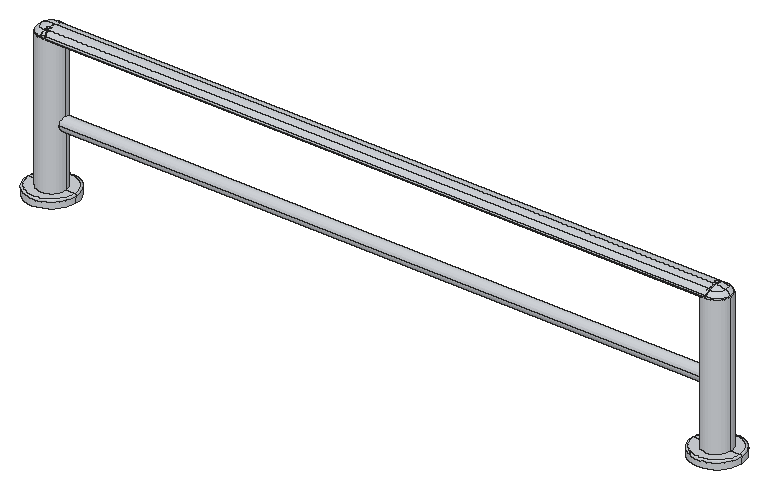
Revit family "Accessory-Towel_Bar-KOHLER-KUMIN-K-97890T", category Specialty Equipment, host Face, Revit 2017
Family settings
  Host = Face
  Round Connector Dimension = Use Diameter
  Part Type = Normal
  OmniClass Number = 23.31.25.25
  OmniClass Title = Towel Bars
  Cut with Voids When Loaded = No
  Shared = No
  Room Calculation Point = No
Parameters (values of type "CP-Polished Chrome")
  Width = 25 101/128"  # constant formula
  WaterSense Certified = 1 = 0  # no
  URL = "http://www.kohler.com.cn/en/"
  Type = 1
  Product Page URL = "https://www.kohler.com.cn/en/product/K-97890T-CP/K-97890T-CP/"
  Product Name = "KUMIN"  # constant formula
  Product Documentation Link = ""
  Model = if(Type = 1, "K-97890T-CP", if(Type = 2, "K-97890T-BL", "NA"))  # "K-97890T-CP"
  Material = "Metal construction"  # constant formula
  Master Format 2014 Name = "Toilet, Bath, and Laundry Accessories"  # constant formula
  Master Format 2014 = "10 28 00"  # constant formula
  Manufacturer Address = "Kohler Beijing Office (100016)\n36-2-03-B, No. 88, Liuxiang Road, Beijing"  # constant formula
  Manufacturer = "KOHLER Co."  # constant formula
  Length = 1 99/128"  # constant formula
  Height = 5 131/256"  # constant formula
  Finish = Kohler-Metal-CP-Polished_Chrome
  Environmental Product Declaration = ""
  Description = "24 inch DOUBLE TOWEL BAR"  # constant formula
  Default Elevation = 42"
  Declare Label = ""
  Date Modified = "07/27/2020"  # constant formula
  Date Created = "07/21/2020"  # constant formula
  Copyright = "Copyright KOHLER Co."  # constant formula
  Contact Us = "http://www.kohler.com.cn/en/contact/contact-us/"
  Assembly Code = "C1030200"
  ADA Compliant = 1 = 0  # no
Types (3): name | Type | Product Page URL | Model | Finish
  (no name) | 1 | "https://www.kohler.com.cn/en/product/K-97890T-CP/K-97890T-CP/" | "K-97890T-CP" | Kohler-Metal-CP-Polished_Chrome
  CP-Polished Chrome | 1 | "https://www.kohler.com.cn/en/product/K-97890T-CP/K-97890T-CP/" | "K-97890T-CP" | Kohler-Metal-CP-Polished_Chrome
  BL-Matte Black | 2 | "https://www.kohler.com.cn/en/product/K-97890T-CP/K-97890T-BL/" | "K-97890T-BL" | Kohler-Metal-BL-Matte_Black
Reference planes (in)
  plane 1 "Center (Front/Back)": y = 0
  plane 2: z = 0
  plane 3 "Center (Left/Right)": x = 0
  plane 4: y = -0.88583
  plane 5: y = 0.88761
  plane 6: x = -12.00787
  plane 7: x = -12.8937
  plane 8: x = 12.00787
  plane 9: x = 12.89536
  plane 10: z = 5.51172
Dimensions and locks (in)
  locked: plane 6 to plane 8 at 24.01575
  "Width": plane 7 to plane 9
  plane 7 to plane 3 "Center (Left/Right)" to plane 9 = 12.8937", 12.89536"
  plane 6 to plane 3 "Center (Left/Right)" to plane 8 = 12.00787", 12.00787"
  "Length": plane 4 to plane 5
  "Height": plane 10 to level
  aligned and locked: plane 2 to host face
  aligned and locked: level to host face
  aligned and locked: plane 4 to nested 1
  aligned and locked: plane 5 to nested 1
  aligned and locked: plane 6 to nested 1
  aligned and locked: plane 8 to nested 1
  aligned and locked: plane 9 to nested 1
  aligned and locked: plane 10 to nested 1
Automatic sketch dimensions
  host sketch curve to host sketch curve = 96"  (x2)
Nested families (in)
  nested 1: "K-97890T" at (0, 0, -0.00009), type "K-97890T"
Definition of nested family "K-97890T"
  Parameters (values of type "K-97890T")
    Material = none
  Reference planes (in)
    plane 1 "Center (Front/Back)": y = 0
    plane 2: z = 0
    plane 3 "Center (Left/Right)": x = 0
    plane 4: x = 12.00787
    plane 5: x = -12.00787
    plane 6: z = 5.51181
    plane 7: z = 5.03937
    plane 8: z = 2.44094
    plane 9: x = 12.8937
    plane 10: x = 11.12205
    plane 11: x = 12.5
    plane 12: x = 11.51575
    plane 13: x = -12.8937
    plane 14: x = -11.12205
    plane 15: x = -12.5
    plane 16: x = -11.51575
    plane 17: y = 0.88583
    plane 18: y = -0.88583
  Forms (in)
    Revolve 1, solid, material <- "Material", detail levels medium+fine
      sketch origin (0, 0, 0) x (1, 0, 0) y (0, 0, 1)
        loop
          arc (12.8937, 0.21654) -> (12.8764, 0.25829) -> (12.83465, 0.27559) r 0.05906
          line (12.83465, 0.27559) -> (12.5, 0.27559) -> (12.5, 5.25575)
          arc (12.5, 5.25575) -> (12.49754, 5.27125) -> (12.49041, 5.28522) r 0.05004
          arc (12.49041, 5.28522) -> (12.41934, 5.36385) -> (12.33339, 5.42589) r 0.50401
          arc (12.33339, 5.42589) -> (12.17629, 5.49027) -> (12.00787, 5.51181) r 0.65044
          line (12.00787, 5.51181) -> (12.00787, 0) -> (12.8937, 0) -> (12.8937, 0.21654)
        axis (12.00787, 5.51181) -> (12.00787, 0)
      angle from 0 to 360
    Revolve 2, solid, material <- "Material", detail levels medium+fine
      sketch origin (0, 0, 0) x (-1, 0, 0) y (0, 0, 1)
        loop
          arc (12.8937, 0.21654) -> (12.8764, 0.25829) -> (12.83465, 0.27559) r 0.05906
          line (12.83465, 0.27559) -> (12.5, 0.27559) -> (12.5, 5.25575)
          arc (12.5, 5.25575) -> (12.49754, 5.27125) -> (12.49041, 5.28522) r 0.05004
          arc (12.49041, 5.28522) -> (12.41934, 5.36385) -> (12.33339, 5.42589) r 0.50401
          arc (12.33339, 5.42589) -> (12.17629, 5.49027) -> (12.00787, 5.51181) r 0.65044
          line (12.00787, 5.51181) -> (12.00787, 0) -> (12.8937, 0) -> (12.8937, 0.21654)
        axis (12.00787, 5.51181) -> (12.00787, 0)
      angle from 0 to 360
    Extrusion 3, solid, material <- "Material", detail levels medium+fine
      sketch origin (0, 0, 0) x (0, 1, 0) y (0, 0, 1)
        loop
          circle (0, 2.44094) r 0.23622
      from -11.92948 to 11.95123
    Extrusion 4, solid, material <- "Material", detail levels medium+fine
      sketch origin (0, 0.00056, 0.00161) x (0, 1, 0) y (0, 0, 1)
        loop
          arc (0.00047, 5.50731) -> (-0.14387, 5.49299) -> (-0.28111, 5.44606) r 0.63005
          arc (-0.28111, 5.44606) -> (-0.37723, 5.38723) -> (-0.45911, 5.30979) r 0.54165
          arc (-0.45911, 5.30979) -> (-0.47334, 5.27161) -> (-0.45946, 5.23331) r 0.05906
          arc (-0.45946, 5.23331) -> (-0.37161, 5.15038) -> (-0.26723, 5.08954) r 0.52905
          arc (-0.26723, 5.08954) -> (-0.13629, 5.04797) -> (0.00047, 5.03486) r 0.64976
          arc (0.00047, 5.03486) -> (0.24833, 5.08694) -> (0.45728, 5.23008) r 0.64785
          arc (0.45728, 5.23008) -> (0.47408, 5.27159) -> (0.45692, 5.31296) r 0.05906
          arc (0.45692, 5.31296) -> (0.24768, 5.45474) -> (0.00047, 5.50731) r 0.65886
      from -12.02269 to 11.97768
    Revolve 5, solid, material <- "Material", detail levels coarse
      sketch origin (0, 0, 0) x (1, 0, 0) y (0, 0, 1)
        loop
          line (12.00787, 5.51181) -> (12.00787, 0) -> (12.8937, 0) -> (12.8937, 0.27559) -> (12.5, 0.27559) -> (12.5, 5.51181) -> (12.00787, 5.51181)
        axis (12.00787, 5.51181) -> (12.00787, 0)
      angle from 0 to 360
    Revolve 6, solid, material <- "Material", detail levels coarse
      sketch origin (0, 0, 0) x (-1, 0, 0) y (0, 0, 1)
        loop
          line (12.00787, 5.51181) -> (12.00787, 0) -> (12.8937, 0) -> (12.8937, 0.27559) -> (12.5, 0.27559) -> (12.5, 5.51181) -> (12.00787, 5.51181)
        axis (12.00787, 5.51181) -> (12.00787, 0)
      angle from 0 to 360
    Extrusion 7, solid, material <- "Material", detail levels coarse
      sketch origin (0, 0, 0) x (1, 0, 0) y (0, 0, 1)
        loop
          line (11.98609, 5.51181) -> (-11.99076, 5.51181) -> (-11.99076, 5.03937) -> (11.98609, 5.03937) -> (11.98609, 5.51181)
      from -0.47464 to 0.47278
    Extrusion 8, solid, material <- "Material", detail levels coarse
      sketch origin (0, 0, 0) x (0, 1, 0) y (0, 0, 1)
        loop
          circle (0, 2.44094) r 0.23667
      from -11.69042 to 11.74002
  Cuts and joins
    joined: Revolve 1, Revolve 2, Extrusion 3
    joined: Revolve 5, Revolve 6, Extrusion 7, Extrusion 8
  Lines and regions (in)
    Masking region 1
      outline origin (0, 0, 0) x (1, 0, 0) y (0, 1, 0)
        loop
          arc (-11.25994, 0.47464) -> (-12.8937, -0.0011) -> (-11.25876, -0.47278) r 0.88583
          line (-11.25876, -0.47278) -> (0, -0.47278) -> (11.25876, -0.47278)
          arc (11.25876, -0.47278) -> (12.8937, -0.0011) -> (11.25994, 0.47464) r 0.88583
          line (11.25994, 0.47464) -> (0.2986, 0.47464) -> (-11.25994, 0.47464)
    Masking region 2
      outline origin (0, 0, 0) x (1, 0, 0) y (0, 0, 1)
        loop
          arc (-12.00787, 5.51181) -> (-12.15074, 5.49694) -> (-12.28654, 5.45013) r 0.63079
          arc (-12.28654, 5.45013) -> (-12.39761, 5.38009) -> (-12.48949, 5.28627) r 0.56425
          arc (-12.48949, 5.28627) -> (-12.4973, 5.27175) -> (-12.5, 5.25549) r 0.05032
          line (-12.5, 5.25549) -> (-12.5, 0.27559) -> (-12.8349, 0.27559)
          arc (-12.8349, 0.27559) -> (-12.87648, 0.25837) -> (-12.8937, 0.21678) r 0.05881
          line (-12.8937, 0.21678) -> (-12.8937, 0) -> (-11.12205, 0) -> (-11.12205, 0.21727)
          arc (-11.12205, 0.21727) -> (-11.13913, 0.25851) -> (-11.18037, 0.27559) r 0.05832
          line (-11.18037, 0.27559) -> (-11.51575, 0.27559) -> (-11.51575, 2.20472) -> (11.51575, 2.20472) -> (11.51575, 0.27559) -> (11.18037, 0.27559)
          arc (11.18037, 0.27559) -> (11.13913, 0.25851) -> (11.12205, 0.21727) r 0.05832
          line (11.12205, 0.21727) -> (11.12205, 0) -> (12.8937, 0) -> (12.8937, 0.21678)
          arc (12.8937, 0.21678) -> (12.87648, 0.25837) -> (12.8349, 0.27559) r 0.05881
          line (12.8349, 0.27559) -> (12.5, 0.27559) -> (12.5, 5.25549)
          arc (12.5, 5.25549) -> (12.4973, 5.27175) -> (12.48949, 5.28627) r 0.05032
          arc (12.48949, 5.28627) -> (12.39761, 5.38009) -> (12.28654, 5.45013) r 0.56425
          arc (12.28654, 5.45013) -> (12.15074, 5.49694) -> (12.00787, 5.51181) r 0.63079
          line (12.00787, 5.51181) -> (-12.00787, 5.51181)
    Masking region 3
      outline origin (0, 0, 0) x (0, 1, 0) y (0, 0, 1)
        loop
          line (0.88583, 0) -> (0.88583, 0.21687)
          arc (0.88583, 0.21687) -> (0.86863, 0.25839) -> (0.8271, 0.27559) r 0.05872
          line (0.8271, 0.27559) -> (0.49213, 0.27559) -> (0.49213, 5.25473)
          arc (0.49213, 5.25473) -> (0.48959, 5.27076) -> (0.48223, 5.28522) r 0.05192
          arc (0.48223, 5.28522) -> (0.38807, 5.38365) -> (0.27098, 5.45324) r 0.50361
          arc (0.27098, 5.45324) -> (0.13874, 5.49757) -> (0, 5.51181) r 0.63212
          arc (0, 5.51181) -> (-0.13874, 5.49757) -> (-0.27098, 5.45324) r 0.63212
          arc (-0.27098, 5.45324) -> (-0.38807, 5.38365) -> (-0.48223, 5.28522) r 0.50361
          arc (-0.48223, 5.28522) -> (-0.48959, 5.27076) -> (-0.49213, 5.25473) r 0.05192
          line (-0.49213, 5.25473) -> (-0.49213, 0.27559) -> (-0.8271, 0.27559)
          arc (-0.8271, 0.27559) -> (-0.86863, 0.25839) -> (-0.88583, 0.21687) r 0.05872
          line (-0.88583, 0.21687) -> (-0.88583, 0) -> (0.88583, 0)
    symbolic lines, detail levels medium+fine
      curve 1: line (-11.25994, 0.47464, 0) -> (-11.66527, 0.47464, 0)
      curve 2: line (-11.66527, 0.47464, 0) -> (-12.00002, 0.49206, 0)
      curve 3: arc (-12.00002, 0.49206, 0) -> (-12.5, 0, 0) -> (-12.00002, -0.49206, 0) r 0.49213
      curve 4: line (-11.25994, -0.47464, 0) -> (-11.66527, -0.47464, 0)
      curve 5: line (-11.66527, -0.47464, 0) -> (-12.00002, -0.49206, 0)
      curve 6: line (11.25994, 0.47464, 0) -> (11.615, 0.47464, 0)
      curve 7: arc (12.00787, 0.49213, 0) -> (12.49998, -0.00393, 0) -> (12.00002, -0.49206, 0) r 0.49213
      curve 8: line (11.25994, -0.47464, 0) -> (11.66527, -0.47464, 0)
      curve 9: line (11.66527, -0.47464, 0) -> (12.00002, -0.49206, 0)
      curve 10: line (11.615, 0.47464, 0) -> (12.00787, 0.49213, 0)
      curve 11: arc (-11.33143, 0.47464, 0) -> (-12.25675, 0.78799, 0) -> (-12.83423, 0, 0) r 0.82636
      curve 12: arc (-11.96948, 0.47678, 0) -> (-12.33224, 0.35154, 0) -> (-12.4862, 0, 0) r 0.47832
      curve 13: arc (-11.96948, 0.47678, 0) -> (-11.87562, 0.46972, 0) -> (-11.7817, 0.46365, 0) r 8.92056
      curve 14: arc (-11.7817, 0.46365, 0) -> (-11.69482, 0.46014, 0) -> (-11.60788, 0.45899, 0) r 3.20011
      curve 15: line (-11.60788, 0.45899, 0) -> (-0.03664, 0.45899, 0)
      curve 16: arc (-11.96948, 0.47678, 0) -> (-11.95567, 0.48583, 0) -> (-11.93945, 0.48891, 0) r 0.04237
      curve 17: arc (-11.33143, -0.47464, 0) -> (-12.25675, -0.78799, 0) -> (-12.83423, 0, 0) r 0.82636
      curve 18: arc (-11.96948, -0.47678, 0) -> (-12.33224, -0.35154, 0) -> (-12.4862, 0, 0) r 0.47832
      curve 19: arc (-11.96948, -0.47678, 0) -> (-11.87562, -0.46972, 0) -> (-11.7817, -0.46365, 0) r 8.92056
      curve 20: arc (-11.7817, -0.46365, 0) -> (-11.69482, -0.46014, 0) -> (-11.60788, -0.45899, 0) r 3.20011
      curve 21: line (-11.60788, -0.45899, 0) -> (0.02111, -0.45899, 0)
      curve 22: arc (-11.96948, -0.47678, 0) -> (-11.95567, -0.48583, 0) -> (-11.93945, -0.48891, 0) r 0.04237
      curve 23: arc (11.33143, 0.47464, 0) -> (12.25675, 0.78799, 0) -> (12.83423, 0, 0) r 0.82636
      curve 24: arc (11.96948, 0.47678, 0) -> (12.33224, 0.35154, 0) -> (12.4862, 0, 0) r 0.47832
      curve 25: arc (11.96948, 0.47678, 0) -> (11.87562, 0.46972, 0) -> (11.7817, 0.46365, 0) r 8.92056
      curve 26: arc (11.7817, 0.46365, 0) -> (11.69482, 0.46014, 0) -> (11.60788, 0.45899, 0) r 3.20011
      curve 27: line (11.60788, 0.45899, 0) -> (-0.03664, 0.45899, 0)
      curve 28: arc (11.96948, 0.47678, 0) -> (11.95567, 0.48583, 0) -> (11.93945, 0.48891, 0) r 0.04237
      curve 29: arc (11.33143, -0.47464, 0) -> (12.25675, -0.78799, 0) -> (12.83423, 0, 0) r 0.82636
      curve 30: arc (11.96948, -0.47678, 0) -> (12.33224, -0.35154, 0) -> (12.4862, 0, 0) r 0.47832
      curve 31: arc (11.96948, -0.47678, 0) -> (11.87562, -0.46972, 0) -> (11.7817, -0.46365, 0) r 8.92056
      curve 32: arc (11.7817, -0.46365, 0) -> (11.69482, -0.46014, 0) -> (11.60788, -0.45899, 0) r 3.20011
      curve 33: line (11.60788, -0.45899, 0) -> (0.02111, -0.45899, 0)
      curve 34: arc (11.96948, -0.47678, 0) -> (11.95567, -0.48583, 0) -> (11.93945, -0.48891, 0) r 0.04237
      curve 35: line (-12.00787, 0.49213, 0) -> (-12.00787, -0.49213, 0)
      curve 36: line (-10.76772, 0.47464, 0) -> (-10.76772, -0.47388, 0)
      curve 37: line (12.00787, 0.49213, 0) -> (12.00787, -0.49213, 0)
      curve 38: line (10.76772, 0.47464, 0) -> (10.76772, -0.47388, 0)
      curve 39: line (11.51575, 0, 2.67717) -> (-11.51575, 0, 2.67717)
      curve 40: line (-11.57615, 0, 2.44094) -> (-11.51575, 0, 2.20472)
      curve 41: line (-11.51575, 0, 2.67717) -> (-11.57615, 0, 2.44094)
      curve 42: line (11.51575, 0, 2.67717) -> (11.57615, 0, 2.44094)
      curve 43: line (11.57615, 0, 2.44094) -> (11.51575, 0, 2.20472)
      curve 44: line (11.51575, 0, 2.67717) -> (11.57615, 0, 2.44094)
      curve 45: line (11.12205, 0, 5.03644) -> (-11.12205, 0, 5.03644)
      curve 46: line (11.51575, 0, 2.67717) -> (11.51575, 0, 4.64274)
      curve 47: arc (11.51575, 0, 4.64274) -> (11.40044, 0, 4.92112) -> (11.12205, 0, 5.03644) r 0.3937
      curve 48: arc (-11.51575, 0, 4.64274) -> (-11.40044, 0, 4.92112) -> (-11.12205, 0, 5.03644) r 0.3937
      curve 49: line (-11.51575, 0, 2.67717) -> (-11.51575, 0, 4.64274)
      curve 50: line (12.48422, 0, 5.29254) -> (12.00338, 0, 5.29254)
      curve 51: line (12.5, 0, 5.25501) -> (12.00338, 0, 5.25501)
      curve 52: line (11.60788, 0, 5.31529) -> (-5.15601, 0, 5.31529)
      curve 53: line (-1.41125, 0, 5.23589) -> (11.60788, 0, 5.23589)
      curve 54: line (11.60788, 0, 5.31529) -> (11.60788, 0, 5.23589)
      curve 55: arc (12.00338, 0, 5.29254) -> (11.98632, 0, 5.29311) -> (11.96933, 0, 5.29483) r 0.25353
      curve 56: arc (11.96933, 0, 5.29483) -> (11.87422, 0, 5.3037) -> (11.77892, 0, 5.31026) r 3.93588
      curve 57: arc (11.77892, 0, 5.31026) -> (11.69344, 0, 5.31394) -> (11.60788, 0, 5.31529) r 3.14383
      curve 58: arc (12.00338, 0, 5.25501) -> (11.98379, 0, 5.25562) -> (11.96424, 0, 5.25707) r 0.46383
      curve 59: arc (11.96424, 0, 5.25707) -> (11.88341, 0, 5.24715) -> (11.80202, 0, 5.24426) r 0.94102
      curve 60: arc (11.80202, 0, 5.24426) -> (11.70494, 0, 5.24043) -> (11.60788, 0, 5.23589) r 13.35187
      curve 61: arc (11.96424, 0, 5.25707) -> (11.96657, 0, 5.27599) -> (11.96957, 0, 5.29481) r 0.5369
      curve 62: arc (11.96424, 0, 5.25707) -> (11.84785, 0, 5.16626) -> (11.76214, 0, 5.04607) r 0.51306
      curve 63: arc (11.76214, 0, 5.04607) -> (11.64027, 0, 4.82211) -> (11.51575, 0, 4.59961) r 21.4244
      curve 64: line (12.00787, 0, 5.25501) -> (12.00787, 0, 5.51181)
      curve 65: line (10.76772, 0, 5.03644) -> (10.76772, 0, 5.51181)
      curve 66: arc (11.60788, 0, 5.23589) -> (11.34416, 0, 5.14885) -> (11.09022, 0, 5.03644) r 2.8355
      curve 67: line (12.5, 0, 0.27559) -> (11.51575, 0, 0.27559)
      curve 68: line (12.89363, 0, 0.21654) -> (11.12198, 0, 0.21654)
      curve 69: line (-11.51575, 0, 2.67717) -> (-11.57615, 0, 2.44094)
      curve 70: line (-12.48422, 0, 5.29254) -> (-12.00338, 0, 5.29254)
      curve 71: line (-12.5, 0, 5.25501) -> (-12.00338, 0, 5.25501)
      curve 72: line (-11.60788, 0, 5.31529) -> (-5.15601, 0, 5.31529)
      curve 73: line (-1.41125, 0, 5.23589) -> (-11.60788, 0, 5.23589)
      curve 74: line (-11.60788, 0, 5.31529) -> (-11.60788, 0, 5.23589)
      curve 75: arc (-12.00338, 0, 5.29254) -> (-11.98632, 0, 5.29311) -> (-11.96933, 0, 5.29483) r 0.25353
      curve 76: arc (-11.96933, 0, 5.29483) -> (-11.87422, 0, 5.3037) -> (-11.77892, 0, 5.31026) r 3.93588
      curve 77: arc (-11.77892, 0, 5.31026) -> (-11.69344, 0, 5.31394) -> (-11.60788, 0, 5.31529) r 3.14383
      curve 78: arc (-12.00338, 0, 5.25501) -> (-11.98379, 0, 5.25562) -> (-11.96424, 0, 5.25707) r 0.46383
      curve 79: arc (-11.96424, 0, 5.25707) -> (-11.88341, 0, 5.24715) -> (-11.80202, 0, 5.24426) r 0.94102
      curve 80: arc (-11.80202, 0, 5.24426) -> (-11.70494, 0, 5.24043) -> (-11.60788, 0, 5.23589) r 13.35187
      curve 81: arc (-11.96424, 0, 5.25707) -> (-11.96657, 0, 5.27599) -> (-11.96957, 0, 5.29481) r 0.5369
      curve 82: arc (-11.96424, 0, 5.25707) -> (-11.84785, 0, 5.16626) -> (-11.76214, 0, 5.04607) r 0.51306
      curve 83: arc (-11.76214, 0, 5.04607) -> (-11.64027, 0, 4.82211) -> (-11.51575, 0, 4.59961) r 21.4244
      curve 84: line (-12.00787, 0, 5.25501) -> (-12.00787, 0, 5.51181)
      curve 85: line (-10.76772, 0, 5.03644) -> (-10.76772, 0, 5.51181)
      curve 86: arc (-11.60788, 0, 5.23589) -> (-11.34416, 0, 5.14885) -> (-11.09022, 0, 5.03644) r 2.8355
      curve 87: line (-12.5, 0, 0.27559) -> (-11.51575, 0, 0.27559)
      curve 88: line (-12.89363, 0, 0.21654) -> (-11.12198, 0, 0.21654)
      curve 89: line (0, -0.4921, 5.25501) -> (0, 0.4921, 5.25501)
      curve 90: line (0, -0.47639, 5.29254) -> (0, 0.47639, 5.29254)
      curve 91: line (0, -0.88583, 0.21654) -> (0, 0.88583, 0.21654)
      curve 92: line (0, 0, 0.27559) -> (0, -0.49213, 0.27559)
      curve 93: line (0, 0.49213, 0.27559) -> (0, 0, 0.27559)
  Dimensions and locks (in)
    plane 10 to plane 9 = 1.77165"
    level to plane 8 = 2.44094"
    level to plane 6 = 5.51181"
    aligned and locked: plane 2 to level
  Automatic sketch dimensions
    curve 3 to curve 11 = 0"  (x2)
    curve 3 to curve 12 = 0"  (x2)
    curve 3 to curve 17 = 0"  (x2)
    curve 3 to curve 18 = 0"  (x2)
    curve 7 to curve 23 = 0"  (x2)
    curve 7 to curve 24 = 0"  (x2)
    curve 7 to curve 29 = 0"  (x2)
    curve 7 to curve 30 = 0"  (x2)
    curve 11 to curve 12 = 0"  (x2)
    curve 11 to curve 17 = 0"  (x2)
    curve 11 to curve 18 = 0"  (x2)
    curve 12 to curve 17 = 0"  (x2)
    curve 12 to curve 18 = 0"  (x2)
    curve 17 to curve 18 = 0"  (x2)
    curve 23 to curve 24 = 0"  (x2)
    curve 23 to curve 29 = 0"  (x2)
    curve 23 to curve 30 = 0"  (x2)
    curve 24 to curve 29 = 0"  (x2)
    curve 24 to curve 30 = 0"  (x2)
    curve 29 to curve 30 = 0"  (x2)
    plane 1 "Center (Front/Back)" to curve 17 = 0"
    curve 12 to plane 5 = 0"
    curve 35 to plane 5 = 0"
    plane 1 "Center (Front/Back)" to curve 23 = 0"
    curve 23 to plane 4 = 0"
    plane 5 to curve 2 = 0.00785"
    plane 5 to curve 5 = 0.00785"
    plane 5 to curve 16 = 0.06808"
    plane 5 to curve 22 = 0.06808"
    plane 16 to curve 5 = 0.14952"
    plane 16 to curve 1 = 0.14952"
    plane 16 to curve 14 = 0.0934"
    plane 16 to curve 20 = 0.0934"
    curve 1 to curve 15 = 0.05738"
    curve 4 to curve 21 = 0.05738"
    plane 14 to curve 13 = 0.13131"
    plane 14 to curve 19 = 0.13131"
    curve 27 to plane 3 "Center (Left/Right)" = 0.03664"
    plane 3 "Center (Left/Right)" to curve 21 = 0.02111"
    plane 10 to curve 31 = 0.13131"
    plane 10 to curve 25 = 0.13131"
    plane 12 to curve 27 = 0.09214"
    plane 12 to curve 33 = 0.09214"
    plane 12 to curve 26 = 0.0934"
    plane 12 to curve 32 = 0.0934"
    curve 26 to curve 10 = 0.00712"
    curve 32 to curve 8 = 0.05738"
    plane 4 to curve 28 = 0.06808"
    plane 4 to curve 34 = 0.06808"
    plane 4 to curve 9 = 0.00785"
    curve 22 to plane 18 = 0.43928"
    curve 34 to plane 18 = 0.43928"
    curve 21 to curve 22 = 0.01245"
    curve 9 to curve 32 = 0.01565"
    curve 4 to curve 20 = 0.01565"
    curve 9 to curve 34 = 0.04552"
    curve 5 to curve 22 = 0.04552"
    plane 18 to curve 20 = 2.77328"
    plane 18 to curve 32 = 2.77328"
    curve 19 to curve 20 = 5.70945"
    curve 31 to curve 32 = 5.70945"
    curve 16 to curve 2 = 0.04552"
    curve 28 to curve 10 = 0.04558"
    curve 15 to plane 1 "Center (Front/Back)" = 0.45899"
    curve 26 to curve 6 = 0.01565"
    curve 15 to curve 2 = 0.01565"
    plane 17 to curve 14 = 2.77328"
    plane 17 to curve 26 = 2.77328"
    curve 14 to curve 13 = 5.70945"
    curve 26 to curve 25 = 5.70945"
    curve 18 to curve 3 = 0.47832"
    plane 13 to curve 11 = 0.05947"
    curve 11 to curve 1 = 0.07148"
    curve 17 to curve 4 = 0.07148"
    curve 36 to plane 14 = 0.35433"
    curve 38 to plane 10 = 0.35433"
    plane 10 to curve 8 = 0.1379"
    plane 10 to curve 6 = 0.1379"
    curve 8 to curve 29 = 0.07148"
    curve 25 to curve 28 = 0.1581"
    curve 28 to curve 24 = 0.03003"
    curve 38 to plane 18 = 0.41195"
    curve 36 to plane 18 = 0.41195"
    curve 36 to plane 17 = 0.41118"
    curve 38 to plane 17 = 0.41118"
    curve 91 to plane 18 = 0"
    curve 92 to plane 1 "Center (Front/Back)" = 0"
    curve 91 to plane 17 = 0"
    level to curve 92 = 0.27559"
    curve 92 to plane 18 = 0.3937"
    curve 89 to plane 18 = 0.39373"
    curve 89 to curve 90 = 0.0157"
    curve 90 to plane 17 = 0.40943"
    curve 90 to curve 89 = 0.0157"
    curve 93 to plane 17 = 0.3937"
    level to curve 91 = 0.21654"
    plane 7 to curve 89 = 0.21564"
    curve 89 to curve 90 = 0.03753"
    curve 87 to plane 15 = 0"
    curve 71 to plane 15 = 0"
    curve 84 to plane 5 = 0"
    curve 41 to plane 8 = 0"
    plane 16 to curve 49 = 0"
    plane 16 to curve 40 = 0"
    plane 16 to curve 87 = 0"
    curve 48 to plane 14 = 0"
    curve 85 to plane 6 = 0"
    curve 65 to plane 6 = 0"
    curve 47 to plane 10 = 0"
    curve 67 to plane 12 = 0"
    curve 63 to plane 12 = 0"
    curve 43 to plane 12 = 0"
    curve 43 to plane 8 = 0"
    plane 4 to curve 64 = 0"
    curve 51 to plane 11 = 0"
    plane 11 to curve 67 = 0"
    curve 64 to plane 6 = 0"
    curve 84 to plane 6 = 0"
    plane 15 to curve 81 = 0.0018"
    plane 15 to curve 86 = 0.13636"
    plane 15 to curve 80 = 0.2199"
    curve 82 to plane 5 = 0.2105"
    curve 78 to plane 5 = 0.00032"
    plane 5 to curve 70 = 0.0045"
    curve 84 to curve 71 = 0.0045"
    plane 5 to curve 79 = 0.19852"
    plane 16 to curve 73 = 0.09214"
    plane 16 to curve 77 = 0.08535"
    plane 16 to curve 41 = 0.0604"
    plane 16 to curve 76 = 0.04055"
    curve 63 to plane 14 = 4.00488"
    curve 52 to plane 6 = 0.19652"
    curve 52 to plane 3 "Center (Left/Right)" = 5.15601"
    plane 7 to curve 73 = 0.19652"
    curve 73 to plane 3 "Center (Left/Right)" = 1.41125"
    curve 83 to plane 10 = 4.00488"
    plane 12 to curve 56 = 0.04055"
    plane 12 to curve 43 = 0.0604"
    plane 12 to curve 57 = 0.08535"
    plane 12 to curve 54 = 0.09214"
    plane 4 to curve 59 = 0.19852"
    curve 51 to curve 64 = 0.0045"
    plane 4 to curve 55 = 0.0045"
    curve 58 to plane 4 = 0.00032"
    curve 62 to plane 4 = 0.2105"
    plane 11 to curve 60 = 0.2199"
    plane 8 to curve 66 = 0.06202"
    plane 11 to curve 66 = 0.13636"
    plane 11 to curve 61 = 0.0018"
    curve 80 to level = 8.09905"
    curve 60 to level = 8.09905"
    curve 56 to plane 8 = 1.06026"
    curve 76 to plane 8 = 1.06026"
    curve 77 to plane 8 = 0.26948"
    curve 57 to plane 8 = 0.26948"
    plane 8 to curve 86 = 0.06202"
    plane 8 to curve 41 = 0.23622"
    curve 49 to curve 80 = 0.59316"
    curve 62 to plane 7 = 0.228"
    curve 82 to plane 7 = 0.228"
    plane 7 to curve 81 = 0.1616"
    plane 7 to curve 61 = 0.1616"
    curve 51 to curve 57 = 0.05526"
    curve 71 to curve 77 = 0.05526"
    curve 51 to curve 50 = 0.03753"
    curve 71 to curve 70 = 0.03753"
    plane 6 to curve 55 = 0.03425"
    plane 6 to curve 75 = 0.03425"
    curve 75 to curve 78 = 0.17275"
    curve 55 to curve 58 = 0.17275"
    curve 78 to curve 79 = 0.46644"
    curve 58 to curve 59 = 0.46644"
    plane 6 to curve 83 = 9.66226"
    plane 6 to curve 63 = 9.66226"
    plane 13 to curve 88 = 0.00007"
    plane 15 to curve 70 = 0.01578"
    curve 70 to curve 81 = 0.03381"
    curve 81 to curve 76 = 0.00023"
    curve 76 to curve 81 = 0.00509"
    plane 7 to curve 82 = 0.0067"
    curve 88 to plane 14 = 0.00007"
    curve 85 to plane 14 = 0.35433"
    curve 65 to plane 10 = 0.35433"
    curve 68 to plane 10 = 0.00007"
    plane 7 to curve 62 = 0.0067"
    curve 60 to curve 62 = 0.15426"
    curve 56 to curve 57 = 0"
    curve 56 to curve 61 = 0.00023"
    plane 11 to curve 50 = 0.01578"
    plane 9 to curve 68 = 0.00007"
    level to curve 68 = 0.21654"
    level to curve 88 = 0.21654"
    level to curve 87 = 0.27559"
    level to curve 67 = 0.27559"
    curve 77 to curve 40 = 0.03326"
    curve 57 to curve 43 = 0.03326"
    plane 4 to Revolve 1 sketch curve = 0"  (x2)
    Revolve 1 sketch curve to plane 11 = 0"
    Revolve 1 sketch curve to level = 0"
    plane 9 to Revolve 1 sketch curve = 0"
    Revolve 1 sketch curve to plane 6 = 0"
    Revolve 1 sketch curve to plane 4 = 0.00241"
    Revolve 1 sketch curve to plane 7 = 0.05091"
    Revolve 1 sketch curve to plane 4 = 0.07515"
    plane 11 to Revolve 1 sketch curve = 0.05004"
    plane 9 to Revolve 1 sketch curve = 0.05906"
    level to Revolve 1 sketch curve = 0.21654"
    Revolve 1 sketch curve to Revolve 1 sketch curve = 0.12709"
    Revolve 1 sketch curve to Revolve 1 sketch curve = 0.17013"
    Revolve 1 sketch curve to Revolve 1 sketch curve = 0"
    plane 8 to Revolve 1 sketch curve = 0.51181"
    plane 6 to Revolve 1 sketch curve = 1.1811"
    Revolve 2 sketch curve to plane 5 = 0"  (x2)
    Revolve 2 sketch curve to plane 15 = 0"
    Revolve 2 sketch curve to level = 0"
    Revolve 2 sketch curve to plane 13 = 0"
    Revolve 2 sketch curve to plane 6 = 0"
    plane 5 to Revolve 2 sketch curve = 0.00241"
    plane 7 to Revolve 2 sketch curve = 0.05091"
    plane 5 to Revolve 2 sketch curve = 0.07515"
    Revolve 2 sketch curve to plane 15 = 0.05004"
    Revolve 2 sketch curve to Revolve 2 sketch curve = 0.05906"
    Revolve 2 sketch curve to level = 0.21654"
    Revolve 2 sketch curve to Revolve 2 sketch curve = 0.12709"
    Revolve 2 sketch curve to Revolve 2 sketch curve = 0.17013"
    Revolve 2 sketch curve to Revolve 2 sketch curve = 0"
    Revolve 2 sketch curve to plane 8 = 0.51181"
    Revolve 2 sketch curve to Revolve 2 sketch curve = 1.1811"
    Extrusion 3 sketch curve to plane 1 "Center (Front/Back)" = 0"
    Extrusion 3 sketch curve to plane 8 = 0"
    plane 1 "Center (Front/Back)" to Extrusion 4 sketch curve = 0.41373"
    plane 1 "Center (Front/Back)" to Extrusion 4 sketch curve = 0.05419"
    plane 1 "Center (Front/Back)" to Extrusion 4 sketch curve = 0.04743"
    plane 1 "Center (Front/Back)" to Extrusion 4 sketch curve = 0.00986"
    plane 1 "Center (Front/Back)" to Extrusion 4 sketch curve = 0.00938"
    plane 1 "Center (Front/Back)" to Extrusion 4 sketch curve = 0.00571"
    Extrusion 4 sketch curve to Extrusion 4 sketch curve = 0"  (x8)
    Extrusion 4 sketch curve to plane 1 "Center (Front/Back)" = 0.41559"
    Extrusion 4 sketch curve to plane 7 = 0.18923"
    Extrusion 4 sketch curve to Extrusion 4 sketch curve = 0.0288"
    Extrusion 4 sketch curve to plane 7 = 0.08063"
    plane 7 to Extrusion 4 sketch curve = 0.23357"
    plane 7 to Extrusion 4 sketch curve = 0.23358"
    plane 6 to Extrusion 4 sketch curve = 0.06384"
    Extrusion 4 sketch curve to Extrusion 4 sketch curve = 0.10864"
    Extrusion 4 sketch curve to Extrusion 4 sketch curve = 0.0019"
    Extrusion 4 sketch curve to Extrusion 4 sketch curve = 0.04482"
    plane 1 "Center (Front/Back)" to Masking region 1 sketch curve = 0"  (x2)
    Masking region 1 sketch curve to plane 5 = 0"
    Masking region 1 sketch curve to plane 3 "Center (Left/Right)" = 0"
    Masking region 1 sketch curve to plane 4 = 0"
    plane 14 to Masking region 1 sketch curve = 0.1379"
    plane 14 to Masking region 1 sketch curve = 35/256"
    plane 3 "Center (Left/Right)" to Masking region 1 sketch curve = 0.2986"
    plane 10 to Masking region 1 sketch curve = 35/256"
    Masking region 1 sketch curve to plane 18 = 0.41305"
    Masking region 2 sketch curve to level = 0"  (x2)
    Masking region 2 sketch curve to plane 13 = 0"
    Masking region 2 sketch curve to plane 15 = 0"
    Masking region 2 sketch curve to plane 5 = 0"
    plane 16 to Masking region 2 sketch curve = 0"
    plane 14 to Masking region 2 sketch curve = 0"
    Masking region 2 sketch curve to plane 10 = 0"
    Masking region 2 sketch curve to plane 12 = 0"
    plane 4 to Masking region 2 sketch curve = 0"
    plane 11 to Masking region 2 sketch curve = 0"
    plane 9 to Masking region 2 sketch curve = 0"
    Masking region 2 sketch curve to plane 6 = 0"
    plane 13 to Masking region 2 sketch curve = 0.05881"
    Masking region 2 sketch curve to Masking region 2 sketch curve = 0.05032"  (x2)
    Masking region 2 sketch curve to plane 5 = 0.03526"
    Masking region 2 sketch curve to plane 5 = 0.00656"
    plane 14 to Masking region 2 sketch curve = 0.05832"
    plane 10 to Masking region 2 sketch curve = 0.05832"
    Masking region 2 sketch curve to plane 4 = 0.00656"
    Masking region 2 sketch curve to plane 4 = 0.03526"
    plane 9 to Masking region 2 sketch curve = 0.05881"
    Masking region 2 sketch curve to Masking region 2 sketch curve = 0.21678"
    level to Masking region 2 sketch curve = 0.21678"
    level to Masking region 2 sketch curve = 0.21727"
    Masking region 2 sketch curve to Masking region 2 sketch curve = 0.21727"
    Masking region 2 sketch curve to plane 8 = 0.23622"
    Masking region 2 sketch curve to plane 7 = 0.15832"  (x2)
    Masking region 2 sketch curve to Masking region 2 sketch curve = 0.06003"  (x2)
    plane 7 to Masking region 2 sketch curve = 0.21612"  (x2)
    Masking region 2 sketch curve to Masking region 2 sketch curve = 0"  (x2)
    Masking region 3 sketch curve to level = 0"
    Masking region 3 sketch curve to plane 18 = 0"
    Masking region 3 sketch curve to plane 1 "Center (Front/Back)" = 0"
    Masking region 3 sketch curve to plane 17 = 0"
    Masking region 3 sketch curve to plane 6 = 0"
    Masking region 3 sketch curve to plane 18 = 0.05872"
    Masking region 3 sketch curve to Masking region 3 sketch curve = 0.33498"
    Masking region 3 sketch curve to Masking region 3 sketch curve = 0.05192"
    plane 1 "Center (Front/Back)" to Masking region 3 sketch curve = 0.07458"
    plane 1 "Center (Front/Back)" to Masking region 3 sketch curve = 0.0052"
    Masking region 3 sketch curve to plane 1 "Center (Front/Back)" = 0.0052"
    Masking region 3 sketch curve to plane 1 "Center (Front/Back)" = 0.07458"
    plane 7 to Masking region 3 sketch curve = 0.21536"  (x2)
    Masking region 3 sketch curve to plane 1 "Center (Front/Back)" = 0.44021"
    Masking region 3 sketch curve to plane 17 = 0.3937"
    Masking region 3 sketch curve to Masking region 3 sketch curve = 0.05872"
    level to Masking region 3 sketch curve = 0.21687"
    Masking region 3 sketch curve to Masking region 3 sketch curve = 0.21687"
    Masking region 3 sketch curve to plane 7 = 0.15966"
    Masking region 3 sketch curve to Masking region 3 sketch curve = 0"  (x2)
    Masking region 3 sketch curve to plane 7 = 0.04987"  (x2)
    Masking region 3 sketch curve to plane 6 = 0.05857"
    plane 4 to Revolve 5 sketch curve = 0"  (x2)
    Revolve 5 sketch curve to plane 6 = 0"
    Revolve 5 sketch curve to plane 11 = 0"
    Revolve 5 sketch curve to level = 0"
    plane 9 to Revolve 5 sketch curve = 0"
    level to Revolve 5 sketch curve = 0.27559"
    Revolve 5 sketch curve to plane 7 = 0.70866"
    plane 6 to Revolve 5 sketch curve = 0.98425"
    Revolve 6 sketch curve to plane 5 = 0"  (x2)
    Revolve 6 sketch curve to plane 6 = 0"
    Revolve 6 sketch curve to plane 15 = 0"
    Revolve 6 sketch curve to level = 0"
    Revolve 6 sketch curve to plane 13 = 0"
    Revolve 6 sketch curve to level = 0.27559"
    plane 7 to Revolve 6 sketch curve = 0.70866"
    Revolve 6 sketch curve to Revolve 6 sketch curve = 0.98425"
    Extrusion 7 sketch curve to plane 6 = 0"
    Extrusion 7 sketch curve to plane 7 = 0"
    plane 5 to Extrusion 7 sketch curve = 0.01711"
    plane 4 to Extrusion 7 sketch curve = 0.02179"
    Extrusion 8 sketch curve to plane 1 "Center (Front/Back)" = 0"
    Extrusion 8 sketch curve to plane 8 = 0"
    radius of Extrusion 3 sketch curve = 0.23622"
    radius of Extrusion 8 sketch curve = 0.23667"
